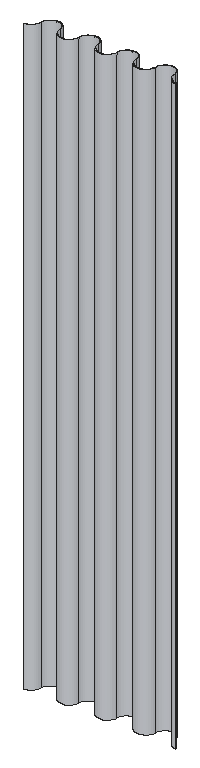
Revit family "Sample_Family_Eight", category Furniture Systems, Revit 2022
Family settings
  Round Connector Dimension = Use Diameter
  Part Type = Normal
  OmniClass Number = 23.40.95.11.31
  OmniClass Title = Movable or Retractable Screens
  Work Plane-Based = No
  Always vertical = Yes
  Cut with Voids When Loaded = No
  Shared = Yes
  Room Calculation Point = Yes
Parameters (values of type "FQGE-009")
  WIDTH_BVN = 0 mm
  UniqueID = "4953"
  Responsibility = "AR"
  Offset_Top_Of_Curtain_BVN [instance] = 25 mm
  OFFSET_FROM_FLOOR [instance] = 300 mm
  ModifiedIssue = ""
  MOUNTING_HEIGHT_US_BVN = 0 mm
  MOUNTING_HEIGHT_TO_TOP [instance] = 2200 mm
  MOUNTING_HEIGHT_TOP_BVN = 0 mm
  Keynote = "FQGE-009"
  ItemGroup = "3"
  ItemDescription = "CURTAIN: bed screen"
  ItemCode = "FQGE-009"
  HEIGHT_BVN = 0 mm
  DetailedCategory [instance] = ""
  Description = ""
  Default Elevation = 0 mm
  DEPTH_BVN = 0 mm
  Curtain_height_BVN [instance] = MOUNTING_HEIGHT_TO_TOP - OFFSET_FROM_FLOOR - 25 mm  # 1875 mm
  Copyright = "BVN"  # constant formula
  CEILING_HEIGHT_BVN [instance] = 2700 mm
  Author = "BVN"  # constant formula
  Assembly Code = "FQGE-009"
Reference planes
  plane 1 "Center (Front/Back)": y = 0
  plane 2: z = 0
  plane 3 "Center (Left/Right)": x = 0
  plane 4: z = 2700
  plane 5: z = 2200
  plane 6: z = 300
Forms (mm)
  Extrusion 1, solid
    sketch origin (240, 0, 0) x (1, 0, 0) y (0, 1, 0)
      loop
        arc (240, -29.5) -> (219.14, -20.86) -> (210.5, 0) r 29.5
        arc (210.5, 0) -> (180, 30.5) -> (149.5, 0) r 30.5
        arc (149.5, 0) -> (120, -29.5) -> (90.5, 0) r 29.5
        arc (90.5, 0) -> (60, 30.5) -> (29.5, 0) r 30.5
        arc (29.5, 0) -> (0, -29.5) -> (-29.5, 0) r 29.5
        arc (-29.5, 0) -> (-60, 30.5) -> (-90.5, 0) r 30.5
        arc (-90.5, 0) -> (-120, -29.5) -> (-149.5, 0) r 29.5
        arc (-149.5, 0) -> (-180, 30.5) -> (-210.5, 0) r 30.5
        arc (-210.5, 0) -> (-219.14, -20.86) -> (-240, -29.5) r 29.5
        line (-240, -29.5) -> (-240, -30.5)
        arc (-240, -30.5) -> (-218.433, -21.567) -> (-209.5, 0) r 30.5
        arc (-209.5, 0) -> (-180, 29.5) -> (-150.5, 0) r 29.5
        arc (-150.5, 0) -> (-120, -30.5) -> (-89.5, 0) r 30.5
        arc (-89.5, 0) -> (-60, 29.5) -> (-30.5, 0) r 29.5
        arc (-30.5, 0) -> (0, -30.5) -> (30.5, 0) r 30.5
        arc (30.5, 0) -> (60, 29.5) -> (89.5, 0) r 29.5
        arc (89.5, 0) -> (120, -30.5) -> (150.5, 0) r 30.5
        arc (150.5, 0) -> (180, 29.5) -> (209.5, 0) r 29.5
        arc (209.5, 0) -> (218.433, -21.567) -> (240, -30.5) r 30.5
        line (240, -30.5) -> (240, -29.5)
    from 2175 to 300
Lines and regions (mm)
  symbolic lines
    curve 1: line (0, -29.5, 0) -> (60, 29.5, 0)
    curve 2: line (60, 29.5, 0) -> (120, -29.5, 0)
    curve 3: line (120, -29.5, 0) -> (180, 29.5, 0)
    curve 4: line (180, 29.5, 0) -> (240, -29.5, 0)
    curve 5: line (240, -29.5, 0) -> (300, 29.5, 0)
    curve 6: line (300, 29.5, 0) -> (360, -29.5, 0)
    curve 7: line (360, -29.5, 0) -> (420, 29.5, 0)
    curve 8: line (420, 29.5, 0) -> (480, -29.5, 0)
Dimensions and locks
  "CEILING_HEIGHT_BVN": plane 4 to level
  "MOUNTING_HEIGHT_TO_TOP": plane 5 to level
  "OFFSET_FROM_FLOOR": plane 6 to level
  "Offset_Top_Of_Curtain_BVN": plane 5 to Extrusion 1
  "Curtain_height_BVN": Extrusion 1 to plane 6
  aligned and locked: level to plane 2
  aligned and locked: Extrusion 1 to plane 6
Automatic sketch dimensions
  Extrusion 1 sketch curve to Extrusion 1 sketch curve = 0 mm  (x24)
  plane 3 "Center (Left/Right)" to Extrusion 1 sketch curve = 240 mm
  plane 3 "Center (Left/Right)" to Extrusion 1 sketch curve = 210.5 mm
  Extrusion 1 sketch curve to Extrusion 1 sketch curve = 1 mm
  Extrusion 1 sketch curve to Extrusion 1 sketch curve = 29.5 mm  (x7)
  plane 1 "Center (Front/Back)" to Extrusion 1 sketch curve = 30.5 mm
  plane 1 "Center (Front/Back)" to Extrusion 1 sketch curve = 0 mm
  curve 1 to plane 3 "Center (Left/Right)" = 0 mm
  curve 2 to plane 1 "Center (Front/Back)" = 29.5 mm
  plane 3 "Center (Left/Right)" to curve 2 = 60 mm
  plane 1 "Center (Front/Back)" to curve 3 = 29.5 mm
  curve 1 to curve 3 = 60 mm
  curve 4 to plane 1 "Center (Front/Back)" = 29.5 mm
  curve 2 to curve 4 = 60 mm
  plane 1 "Center (Front/Back)" to curve 4 = 29.5 mm
  curve 3 to curve 4 = 60 mm
  curve 6 to plane 1 "Center (Front/Back)" = 29.5 mm
  curve 4 to curve 6 = 60 mm
  plane 1 "Center (Front/Back)" to curve 7 = 29.5 mm
  curve 5 to curve 7 = 60 mm
  curve 6 to curve 8 = 60 mm
  curve 7 to plane 1 "Center (Front/Back)" = 29.5 mm
  plane 1 "Center (Front/Back)" to curve 8 = 29.5 mm
  curve 7 to curve 8 = 60 mm
  plane 1 "Center (Front/Back)" to curve 1 = 29.5 mm
